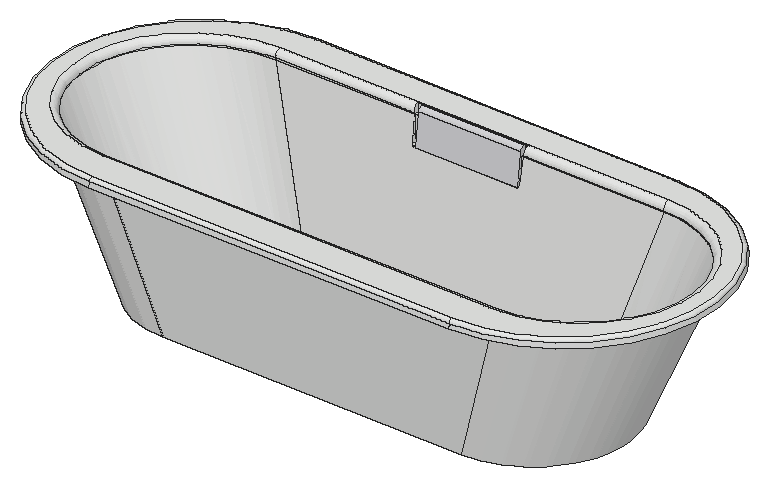
Revit family "Bath-Drop_In-KOHLER-VOLUTE-K-99309T_1", category Plumbing Fixtures, host Face, Revit 2017
Family settings
  Host = Face
  Round Connector Dimension = Use Diameter
  Part Type = Normal
  OmniClass Number = 23.31.15.00
  OmniClass Title = Bathtubs
  Cut with Voids When Loaded = No
  Shared = No
  Room Calculation Point = No
Parameters (values of type "0-White")
  Width = 70 221/256"  # constant formula
  WaterSense Certified = 1 = 0  # no
  Waste Water Outlet = "Waste Water Outlet"  # constant formula
  Waste Connection = 1 = 1  # yes
  Vent Connection = 1 = 0  # no
  URL = "http://www.kohler.com.cn/"
  Type = 1
  Product Page URL = "https://www.kohler.com.cn/product/K-99309T-0/K-99309T-0/"
  Product Name = "VOLUTE"  # constant formula
  Product Documentation Link = "https://files.kohler.com.cn/pdfs/1589433363090_99309.pdf"
  Model = "K-99309T-0"  # constant formula
  Material = " CAST IRON"  # constant formula
  Master Format 2014 Name = "Residential Bathtubs"  # constant formula
  Master Format 2014 = "22 41 19"  # constant formula
  Manufacturer Address = "Kohler Beijing Office (100016)36-2-03-B, No. 88, Liuxiang Road, Beijing"  # constant formula
  Manufacturer = "KOHLER Co."  # constant formula
  Length = 31 127/256"  # constant formula
  Hot Water Inlet = "Hot Water Inlet"  # constant formula
  Height = 16 119/128"  # constant formula
  HW Connection = 1 = 0  # no
  Finish = KOHLER-Cast_Iron-0-White
  Environmental Product Declaration = ""
  Drain Included = 1 = 1  # yes
  Description = "VOLUTE Built-in cast iron bathtub (round at both ends)"  # constant formula
  Default Elevation = 0"
  Declare Label = ""
  Date Modified = "05/07/2021"  # constant formula
  Date Created = "05/07/2021"  # constant formula
  Copyright = "Copyright KOHLER Co."  # constant formula
  Contact Us = "http://www.kohler.com.cn/contact/contact-us/"
  Cold Water Inlet = "Cold Water Inlet"  # constant formula
  CW Connection = 1 = 0  # no
  Assembly Code = "D2010500"
  ADA Compliant = 1 = 0  # no
Reference planes (in)
  plane 1 "Center (Front/Back)": y = 0
  plane 2: z = 0
  plane 3 "Center (Left/Right)": x = 0
  plane 4: y = 15.74803
  plane 5: y = -15.74806
  plane 6: x = -35.43168
  plane 7: x = 35.4316
  plane 8: x = -28.42617
  plane 9: x = 28.42617
  plane 10: y = 12.22923
  plane 11: y = -11.82898
  plane 12: z = -16.06299
  plane 13: z = 0.8667
Forms (in)
  Extrusion 1, void
    sketch origin (0, 0, 0) x (1, 0, 0) y (0, 1, 0)
      loop
        arc (21.56469, -12.82898) -> (34.5938, 0.20012) -> (21.56469, 13.22923) r 13.02911
        line (21.56469, 13.22923) -> (0.6703, 13.22923) -> (-21.45319, 13.22923)
        arc (-21.45319, 13.22923) -> (-34.4823, 0.20012) -> (-21.45319, -12.82898) r 13.02911
        line (-21.45319, -12.82898) -> (21.56469, -12.82898)
    from -17.75299 to 0
Dimensions and locks (in)
  plane 10 to plane 11 = 24.05821"
  plane 9 to plane 8 = 56.85233"
  "Width": plane 6 to plane 7
  "Length": plane 4 to plane 5
  "Height": plane 13 to plane 12
  aligned and locked: plane 2 to host face
  aligned and locked: level to host face
Automatic sketch dimensions
  host sketch curve to host sketch curve = 96"  (x2)
  Extrusion 1 sketch curve to plane 10 = 1"
  plane 11 to Extrusion 1 sketch curve = 1"
  Extrusion 1 sketch curve to plane 9 = 6.86147"
  plane 8 to Extrusion 1 sketch curve = 6.97297"
  plane 3 "Center (Left/Right)" to Extrusion 1 sketch curve = 0.6703"
Nested families (in)
  nested 1: "K-99309T" at (0, 0, 0), type "K-99309T"
Connectors (in)
  piping at (0, 0, -16.04801), diameter 1.32813, driven by "Waste Connection", driven by "Waste Water Outlet"
    settings: on nested 1, index 1, connector inside diameter 24", connector length 0", flow factor 0, pipe flow 0 GPM, pressure drop 0.00 psi, fitting loss kfactor 0, connector angle 0.00°, fixture units 0, engagement length 0", angle of deflection 0.00°, flow configuration 0, flow direction 2, fitting loss method 0, system type 16, joint type 0, gender type 0, connector reference index -1, connector utility 1, adjustable connector no, is connector primary yes, connector description "Waste Water Outlet"
Definition of nested family "K-99309T"
  Parameters (values of type "K-99309T")
    Material = none
  Reference planes (in)
    plane 1 "Center (Front/Back)": y = 0
    plane 2: z = 0
    plane 3 "Center (Left/Right)": x = 0
    plane 4: x = -35.43168
    plane 5: x = 35.43168
    plane 6: y = 15.74803
    plane 7: y = -15.74803
    plane 8: z = -16.06299
    plane 9: z = 0.86617
    plane 10: y = 12.2329
    plane 11: y = 11.19457
    plane 12: y = 11.22328
    plane 13: y = 11.61417
    plane 14: y = 12.14555
    plane 15: y = 9.37708
    plane 16: y = 8.97956
    plane 17: y = 1.42047
    plane 18: y = -1.41311
    plane 19: y = -8.97611
    plane 20: y = -9.36751
    plane 21: y = -11.22666
    plane 22: y = -11.82531
    plane 23: x = -33.48064
    plane 24: x = -1.41694
    plane 25: x = 1.41694
    plane 26: x = 33.59213
    plane 27: x = 35.43168
    plane 28: y = 12.40364
    plane 29: z = -2.91487
    plane 30: z = -2.63568
  Forms (in)
    Sweep 1, solid, material <- "Material", detail levels medium+fine
      path origin (0, 0, 0) x (1, 0, 0) y (0, 1, 0)
        loop
          arc (-19.68365, 15.74803) -> (-35.43168, 0) -> (-19.68365, -15.74803) r 15.74803
          line (-19.68365, -15.74803) -> (19.68166, -15.74803)
          arc (19.68166, -15.74803) -> (35.42969, 0) -> (19.68166, 15.74803) r 15.74803
          line (19.68166, 15.74803) -> (-19.68365, 15.74803)
      profile origin (-0.001, 15.74803, 0) x (0, 1, 0) y (0, 0, 1)
        loop
          line (0, 0) -> (-0.04453, 0.50898)
          arc (-0.04453, 0.50898) -> (-0.16997, 0.76335) -> (-0.43431, 0.86615) r 0.39127
          line (-0.43431, 0.86615) -> (-1.52822, 0.86615) -> (-1.52822, 0) -> (0, 0)
    Blend 2, solid, material <- "Material", detail levels medium+fine
      base sketch origin (0, 0, 0) x (1, 0, 0) y (0, 1, 0)
        loop
          line (-16.381, -9.84412) -> (16.37401, -9.84412)
          arc (16.37401, -9.84412) -> (26.21618, -0.00195) -> (16.37401, 9.84021) r 9.84217
          line (16.37401, 9.84021) -> (-16.381, 9.84021)
          arc (-16.381, 9.84021) -> (-26.22317, -0.00195) -> (-16.381, -9.84412) r 9.84217
      top sketch origin (0, 0, 0) x (1, 0, 0) y (0, 1, 0)
        loop
          arc (21.56469, -11.82898) -> (33.5938, 0.20012) -> (21.56469, 12.22923) r 12.02911
          line (21.56469, 12.22923) -> (-21.45319, 12.22923)
          arc (-21.45319, 12.22923) -> (-33.4823, 0.20012) -> (-21.45319, -11.82898) r 12.02911
          line (-21.45319, -11.82898) -> (21.56469, -11.82898)
      from -16.06299 to 0
    Blend 3, void
      base sketch origin (0, 0, 0) x (1, 0, 0) y (0, 1, 0)
        loop
          arc (16.37401, -9.34412) -> (25.71618, -0.00195) -> (16.37401, 9.34021) r 9.34217
          line (16.37401, 9.34021) -> (-16.381, 9.34021)
          arc (-16.381, 9.34021) -> (-25.72317, -0.00195) -> (-16.381, -9.34412) r 9.34217
          line (-16.381, -9.34412) -> (16.37401, -9.34412)
      top sketch origin (0, 0, 0) x (1, 0, 0) y (0, 1, 0)
        loop
          line (-21.45319, -11.32898) -> (21.56469, -11.32898)
          arc (21.56469, -11.32898) -> (33.0938, 0.20012) -> (21.56469, 11.72923) r 11.52911
          line (21.56469, 11.72923) -> (-21.45319, 11.72923)
          arc (-21.45319, 11.72923) -> (-32.9823, 0.20012) -> (-21.45319, -11.32898) r 11.52911
      from -15.78367 to 0.8285
    Sweep 4, solid, material <- "Material", detail levels medium+fine
      path origin (0, 0, 0) x (1, 0, 0) y (0, 1, 0)
        loop
          arc (21.30672, -11.23034) -> (32.72714, 0.19008) -> (21.30672, 11.6105) r 11.42042
          line (21.30672, 11.6105) -> (-21.20111, 11.6105)
          arc (-21.20111, 11.6105) -> (-32.62153, 0.19008) -> (-21.20111, -11.23034) r 11.42042
          line (-21.20111, -11.23034) -> (21.30672, -11.23034)
      profile origin (0.05281, 11.6105, 0) x (0, 1, 0) y (0, 0, 1)
        loop
          line (0, 0.16594) -> (0, -1) -> (0.32928, -1) -> (0.5056, 0) -> (1.5, 0) -> (1.5, 0.86615) -> (0.70021, 0.86615)
          arc (0.70021, 0.86615) -> (0.20509, 0.66106) -> (0, 0.16594) r 0.70021
    Extrusion 5, solid, material <- "Material", detail levels medium+fine
      sketch origin (0, 0, 0) x (1, 0, 0) y (0, 1, 0)
        loop
          arc (-21.20111, -12.73034) -> (-28.00655, -10.79278) -> (-32.77089, -5.56122) r 12.92042
          arc (-32.77089, -5.56122) -> (-27.52978, -11.85923) -> (-19.68365, -14.21981) r 14.21981
          line (-19.68365, -14.21981) -> (19.68166, -14.21981)
          arc (19.68166, -14.21981) -> (26.93088, -12.23322) -> (32.15459, -6.82854) r 14.21981
          arc (32.15459, -6.82854) -> (27.48142, -11.15938) -> (21.30672, -12.73034) r 12.92042
          line (21.30672, -12.73034) -> (-21.20111, -12.73034)
        loop
          line (19.68166, 14.21981) -> (-19.68365, 14.21981)
          arc (-19.68365, 14.21981) -> (-25.99496, 12.74246) -> (-30.99486, 8.6174) r 14.21981
          arc (-30.99486, 8.6174) -> (-26.58872, 11.93362) -> (-21.20111, 13.1105) r 12.92042
          line (-21.20111, 13.1105) -> (21.30672, 13.1105)
          arc (21.30672, 13.1105) -> (26.12109, 12.18004) -> (30.24204, 9.52267) r 12.92042
          arc (30.24204, 9.52267) -> (25.4606, 12.99257) -> (19.68166, 14.21981) r 14.21981
      from 0 to 0.86615
    Sweep 6, solid, material <- "Material", detail levels medium+fine
      path origin (-0.03125, 0, 0) x (1, 0, 0) y (0, 1, 0)
        loop
          line (16.41208, 9.84021) -> (-16.27726, 9.84021)
          arc (-16.27726, 9.84021) -> (-26.11943, -0.00195) -> (-16.27726, -9.84412) r 9.84217
          line (-16.27726, -9.84412) -> (16.41208, -9.84412)
          arc (16.41208, -9.84412) -> (26.25425, -0.00195) -> (16.41208, 9.84021) r 9.84217
      profile origin (0.03616, 9.84021, 0) x (0, 1, 0) y (0, 0, 1)
        loop
          line (-1.4996, -15.9905) -> (-0.20844, -15.9905) -> (-0.13814, -15.28052)
          arc (-0.13814, -15.28052) -> (-0.76682, -15.73532) -> (-1.4996, -15.9905) r 2.67432
    Extrusion 7, void
      sketch origin (0, 0, 0) x (1, 0, 0) y (0, 1, 0)
        loop
          line (-16.33573, -9.54724) -> (16.33076, -9.54724)
          arc (16.33076, -9.54724) -> (25.878, 0) -> (16.33076, 9.54724) r 9.54724
          line (16.33076, 9.54724) -> (-16.33573, 9.54724)
          arc (-16.33573, 9.54724) -> (-25.88298, 0) -> (-16.33573, -9.54724) r 9.54724
      from -17.05562 to -15.87086
    Revolve 8, solid, detail levels medium+fine
      sketch origin (0, 0, 0) x (1, 0, 0) y (0, 0, 1)
        loop
          line (-0.64961, -16.04801) -> (0, -16.04801) -> (0, -14.52701) -> (-0.40213, -14.55236) -> (-1.3907, -14.83072)
          arc (-1.3907, -14.83072) -> (-1.40964, -14.84363) -> (-1.41694, -14.86536) r 0.03599
          line (-1.41694, -14.86536) -> (-1.41694, -15.23567) -> (-0.64961, -15.23567) -> (-0.64961, -16.04801)
        axis (0, -14.52701) -> (0, -16.04801)
      angle from 0 to 360
    Extrusion 9, void
      sketch origin (0, 0, 0) x (1, 0, 0) y (0, 0, 1)
        loop
          line (-6.05758, 1.36044) -> (-5.88139, -2.63568)
          arc (-5.88139, -2.63568) -> (-5.79319, -2.83368) -> (-5.59222, -2.91487) r 0.28936
          line (-5.59222, -2.91487) -> (5.5938, -2.91487)
          arc (5.5938, -2.91487) -> (5.79364, -2.83414) -> (5.88134, -2.63727) r 0.28771
          line (5.88134, -2.63727) -> (6.02199, 1.36044) -> (0.86284, 1.36044) -> (-6.05758, 1.36044)
      from -12.14188 to -10.22602
    Extrusion 10, solid, material <- "Material", detail levels medium+fine
      sketch origin (0, 0, 0) x (1, 0, 0) y (0, 0, 1)
        loop
          line (-5.59222, -2.91487) -> (5.5938, -2.91487)
          arc (5.5938, -2.91487) -> (5.79364, -2.83414) -> (5.88134, -2.63727) r 0.28771
          line (5.88134, -2.63727) -> (5.97413, 0) -> (0.50798, 0) -> (-5.9976, 0) -> (-5.88139, -2.63568)
          arc (-5.88139, -2.63568) -> (-5.79319, -2.83368) -> (-5.59222, -2.91487) r 0.28936
      from -12.40364 to -11.6105
    Extrusion 11, solid, material <- "Material", detail levels medium+fine
      sketch origin (0, 0, 0) x (1, 0, 0) y (0, 1, 0)
        loop
          line (-18.95669, 6.29921) -> (-19.06661, 5.88901)
          arc (-19.06661, 5.88901) -> (-18.86644, 5.85314) -> (-18.77953, 5.66929) r 0.22192
          line (-18.77953, 5.66929) -> (-18.62205, 5.66929)
          arc (-18.62205, 5.66929) -> (-18.53306, 5.85043) -> (-18.33497, 5.88901) r 0.22689
          line (-18.33497, 5.88901) -> (-18.44488, 6.29921) -> (-18.95669, 6.29921)
        loop
          line (18.44488, 6.29921) -> (18.33497, 5.88901)
          arc (18.33497, 5.88901) -> (18.53513, 5.85314) -> (18.62205, 5.66929) r 0.22192
          line (18.62205, 5.66929) -> (18.77953, 5.66929)
          arc (18.77953, 5.66929) -> (18.86852, 5.85043) -> (19.06661, 5.88901) r 0.22689
          line (19.06661, 5.88901) -> (18.95669, 6.29921) -> (18.44488, 6.29921)
        loop
          line (-18.95669, -6.29921) -> (-18.44488, -6.29921) -> (-18.33497, -5.88901)
          arc (-18.33497, -5.88901) -> (-18.53306, -5.85043) -> (-18.62205, -5.66929) r 0.22689
          line (-18.62205, -5.66929) -> (-18.77953, -5.66929)
          arc (-18.77953, -5.66929) -> (-18.86644, -5.85314) -> (-19.06661, -5.88901) r 0.22192
          line (-19.06661, -5.88901) -> (-18.95669, -6.29921)
        loop
          line (18.44488, -6.29921) -> (18.95669, -6.29921) -> (19.06661, -5.88901)
          arc (19.06661, -5.88901) -> (18.86852, -5.85043) -> (18.77953, -5.66929) r 0.22689
          line (18.77953, -5.66929) -> (18.62205, -5.66929)
          arc (18.62205, -5.66929) -> (18.53513, -5.85314) -> (18.33497, -5.88901) r 0.22192
          line (18.33497, -5.88901) -> (18.44488, -6.29921)
      from -16.06299 to -15.78367
    Blend 12, solid, material <- "Material", detail levels coarse
      base sketch origin (0, 0, 0) x (1, 0, 0) y (0, 1, 0)
        loop
          line (-16.33573, -9.54724) -> (16.33076, -9.54724)
          arc (16.33076, -9.54724) -> (25.878, 0) -> (16.33076, 9.54724) r 9.54724
          line (16.33076, 9.54724) -> (-16.33573, 9.54724)
          arc (-16.33573, 9.54724) -> (-25.88298, 0) -> (-16.33573, -9.54724) r 9.54724
      top sketch origin (0, 0, 0) x (1, 0, 0) y (0, 1, 0)
        loop
          arc (21.56469, -11.82898) -> (33.5938, 0.20012) -> (21.56469, 12.22923) r 12.02911
          line (21.56469, 12.22923) -> (0.00246, 12.22923) -> (-21.45319, 12.22923)
          arc (-21.45319, 12.22923) -> (-33.4823, 0.20012) -> (-21.45319, -11.82898) r 12.02911
          line (-21.45319, -11.82898) -> (21.56469, -11.82898)
      from -16.06299 to 0
    Sweep 13, solid, material <- "Material", detail levels coarse
      path origin (0, 0, 0) x (1, 0, 0) y (0, 1, 0)
        loop
          arc (21.30672, -11.23034) -> (32.72714, 0.19008) -> (21.30672, 11.6105) r 11.42042
          line (21.30672, 11.6105) -> (-21.20111, 11.6105)
          arc (-21.20111, 11.6105) -> (-32.62153, 0.19008) -> (-21.20111, -11.23034) r 11.42042
          line (-21.20111, -11.23034) -> (21.30672, -11.23034)
      profile origin (0.05281, 11.6105, 0) x (0, 1, 0) y (0, 0, 1)
        loop
          line (0, 0.0029) -> (4.13386, 0.0029) -> (4.13386, 0.98715) -> (0, 0.98715) -> (0, 0.0029)
    Blend 14, void
      base sketch origin (0, 0, 0.7874) x (1, 0, 0) y (0, 1, 0)
        loop
          line (-16.33573, -9.54724) -> (16.33076, -9.54724)
          arc (16.33076, -9.54724) -> (25.878, 0) -> (16.33076, 9.54724) r 9.54724
          line (16.33076, 9.54724) -> (-16.33573, 9.54724)
          arc (-16.33573, 9.54724) -> (-25.88298, 0) -> (-16.33573, -9.54724) r 9.54724
      top sketch origin (0, 0, 0.7874) x (1, 0, 0) y (0, 1, 0)
        loop
          arc (21.56469, -11.82898) -> (33.5938, 0.20012) -> (21.56469, 12.22923) r 12.02911
          line (21.56469, 12.22923) -> (0.00246, 12.22923) -> (-21.45319, 12.22923)
          arc (-21.45319, 12.22923) -> (-33.4823, 0.20012) -> (-21.45319, -11.82898) r 12.02911
          line (-21.45319, -11.82898) -> (21.56469, -11.82898)
      from -16.06299 to 0
    Extrusion 15, solid, detail levels medium+fine
      sketch origin (0, 0, 0) x (0, 1, 0) y (0, 0, 1)
        loop
          line (11.1746, -2.91769) -> (11.82947, -2.91769) -> (12.14188, -0.85978) -> (12.14188, 0.84549)
          arc (12.14188, 0.84549) -> (11.8322, 0.67714) -> (11.64378, 0.37925) r 0.70021
          line (11.64378, 0.37925) -> (11.1746, -2.91769)
      from -5.53772 to 5.61607
  Cuts and joins
    Extrusion 9 cuts Sweep 1
    Blend 3, Extrusion 7, Extrusion 9 cuts Blend 2
    Extrusion 9 cuts Sweep 4
    Extrusion 9 cuts Extrusion 5
    Extrusion 7, Extrusion 9 cuts Sweep 6
    joined: Sweep 1, Blend 2, Sweep 4, Extrusion 5, Sweep 6, Extrusion 10, Extrusion 11
    Blend 14 cuts Blend 12
    joined: Blend 12, Sweep 13
  Lines and regions (in)
    Masking region 1
      outline origin (0, 0, 0) x (1, 0, 0) y (0, 1, 0)
        loop
          arc (-19.68365, 15.74803) -> (-35.43168, 0) -> (-19.68365, -15.74803) r 15.74803
          line (-19.68365, -15.74803) -> (19.68166, -15.74803)
          arc (19.68166, -15.74803) -> (35.42969, 0) -> (19.68166, 15.74803) r 15.74803
          line (19.68166, 15.74803) -> (-19.68365, 15.74803)
    Masking region 2
      outline origin (0, 0, 0) x (1, 0, 0) y (0, 0, 1)
        loop
          line (-26.22317, -16.06299) -> (26.32473, -16.06299) -> (33.46155, -0.27068)
          arc (33.46155, -0.27068) -> (33.63134, -0.07355) -> (33.88091, 0) r 0.4602
          line (33.88091, 0) -> (35.43278, 0) -> (35.38848, 0.50634)
          arc (35.38848, 0.50634) -> (35.26211, 0.7626) -> (34.9958, 0.86617) r 0.39419
          line (34.9958, 0.86617) -> (-34.9958, 0.86617)
          arc (-34.9958, 0.86617) -> (-35.26211, 0.7626) -> (-35.38848, 0.50634) r 0.39419
          line (-35.38848, 0.50634) -> (-35.43278, 0) -> (-33.75497, 0)
          arc (-33.75497, 0) -> (-33.52588, -0.06751) -> (-33.37002, -0.24847) r 0.42243
          line (-33.37002, -0.24847) -> (-26.22317, -16.06299)
    Masking region 3
      outline origin (0, 0, 0) x (0, 1, 0) y (0, 0, 1)
        loop
          line (-9.84412, -16.06299) -> (9.84021, -16.06299) -> (11.79571, -2.91487) -> (12.40364, -2.91487) -> (12.40364, -1)
          arc (12.40364, -1) -> (12.69653, -0.29289) -> (13.40364, 0) r 1
          line (13.40364, 0) -> (15.74803, 0) -> (15.70358, 0.50804)
          arc (15.70358, 0.50804) -> (15.57781, 0.76308) -> (15.31278, 0.86615) r 0.3923
          line (15.31278, 0.86615) -> (-15.31405, 0.86615)
          arc (-15.31405, 0.86615) -> (-15.57814, 0.76345) -> (-15.70347, 0.5093) r 0.39091
          line (-15.70347, 0.5093) -> (-15.74803, 0) -> (-12.71302, 0)
          arc (-12.71302, 0) -> (-12.05069, -0.25079) -> (-11.72057, -0.87737) r 1
          line (-11.72057, -0.87737) -> (-9.84412, -16.06299)
    symbolic lines, detail levels medium+fine
      curve 1: arc (-21.20111, -11.23034, 0) -> (-32.62153, 0.19008, 0) -> (-21.20111, 11.6105, 0) r 11.42042
      curve 2: line (-21.20111, 11.6105, 0) -> (-5.99773, 11.6105, 0)
      curve 3: arc (21.30672, 11.6105, 0) -> (32.72714, 0.19008, 0) -> (21.30672, -11.23034, 0) r 11.42042
      curve 4: line (21.30672, -11.23034, 0) -> (-21.20111, -11.23034, 0)
      curve 5: line (-5.88139, 11.23104, 0) -> (-5.99773, 11.6105, 0)
      curve 6: spline (-5.59972, 11.19089, 0) -> (-5.63612, 11.19138, 0) -> (-5.67181, 11.19252, 0) -> (-5.70621, 11.19428, 0) -> (-5.73878, 11.19664, 0) -> (-5.76901, 11.19957, 0) -> (-5.79642, 11.20302, 0) -> (-5.82057, 11.20693, 0) -> (-5.84109, 11.21123, 0) -> (-5.85764, 11.21588, 0) -> (-5.86997, 11.22078, 0) -> (-5.87789, 11.22586, 0) -> (-5.88126, 11.23104, 0)
      curve 7: line (5.60127, 11.19089, 0) -> (-5.59972, 11.19089, 0)
      curve 8: line (-5.7654, 11.6105, 0) -> (-5.65876, 11.26268, 0)
      curve 9: spline (-5.65861, 11.26268, 0) -> (-5.65466, 11.2571, 0) -> (-5.64584, 11.25164, 0) -> (-5.6323, 11.24638, 0) -> (-5.61426, 11.2414, 0) -> (-5.59198, 11.23678, 0) -> (-5.56584, 11.23259, 0) -> (-5.53622, 11.2289, 0) -> (-5.5036, 11.22576, 0) -> (-5.46848, 11.22323, 0) -> (-5.43142, 11.22134, 0) -> (-5.39299, 11.22012, 0) -> (-5.35379, 11.2196, 0)
      curve 10: line (-5.35379, 11.2196, 0) -> (5.35743, 11.2196, 0)
      curve 11: spline (5.8812, 11.23081, 0) -> (5.87785, 11.22566, 0) -> (5.86998, 11.22061, 0) -> (5.85772, 11.21573, 0) -> (5.84126, 11.21112, 0) -> (5.82086, 11.20684, 0) -> (5.79685, 11.20295, 0) -> (5.76959, 11.19952, 0) -> (5.73954, 11.19661, 0) -> (5.70715, 11.19426, 0) -> (5.67294, 11.19251, 0) -> (5.63746, 11.19138, 0) -> (5.60127, 11.19089, 0)
      curve 12: spline (5.35743, 11.2196, 0) -> (5.39613, 11.22012, 0) -> (5.43408, 11.22132, 0) -> (5.47069, 11.22318, 0) -> (5.50537, 11.22568, 0) -> (5.53758, 11.22878, 0) -> (5.56683, 11.23243, 0) -> (5.59265, 11.23656, 0) -> (5.61465, 11.24113, 0) -> (5.63247, 11.24604, 0) -> (5.64583, 11.25124, 0) -> (5.65454, 11.25663, 0) -> (5.65845, 11.26214, 0)
      curve 13: line (5.6586, 11.26214, 0) -> (5.7654, 11.6105, 0)
      curve 14: line (5.97423, 11.6105, 0) -> (5.88134, 11.23081, 0)
      curve 15: spline (-6.00492, 11.61052, 0) -> (-6.00865, 11.61562, 0) -> (-6.01232, 11.63093, 0) -> (-6.01589, 11.6562, 0) -> (-6.0193, 11.69108, 0) -> (-6.02249, 11.73505, 0) -> (-6.02543, 11.78747, 0) -> (-6.02807, 11.84757, 0) -> (-6.03037, 11.91447, 0) -> (-6.0323, 11.98718, 0) -> (-6.03382, 12.06464, 0) -> (-6.03492, 12.14572, 0) -> (-6.03558, 12.22923, 0)
      curve 16: spline (-5.80255, 12.14187, 0) -> (-5.80154, 12.06787, 0) -> (-5.80018, 11.99684, 0) -> (-5.79849, 11.92964, 0) -> (-5.79647, 11.86711, 0) -> (-5.79417, 11.81001, 0) -> (-5.7916, 11.75903, 0) -> (-5.7888, 11.7148, 0) -> (-5.7858, 11.67785, 0) -> (-5.78264, 11.64864, 0) -> (-5.77936, 11.62753, 0) -> (-5.77599, 11.61477, 0) -> (-5.77259, 11.61052, 0)
      curve 17: spline (5.7726, 11.6105, 0) -> (5.776, 11.61478, 0) -> (5.77937, 11.62756, 0) -> (5.78265, 11.64869, 0) -> (5.78581, 11.67791, 0) -> (5.7888, 11.71486, 0) -> (5.7916, 11.7591, 0) -> (5.79417, 11.81008, 0) -> (5.79647, 11.86717, 0) -> (5.79849, 11.92969, 0) -> (5.80018, 11.99687, 0) -> (5.80154, 12.06789, 0) -> (5.80255, 12.14187, 0)
      curve 18: spline (6.00443, 12.22923, 0) -> (6.00391, 12.14575, 0) -> (6.00303, 12.06469, 0) -> (6.00181, 11.98724, 0) -> (6.00028, 11.91454, 0) -> (5.99844, 11.84765, 0) -> (5.99634, 11.78756, 0) -> (5.99399, 11.73513, 0) -> (5.99144, 11.69115, 0) -> (5.98873, 11.65626, 0) -> (5.98588, 11.63096, 0) -> (5.98295, 11.61563, 0) -> (5.97997, 11.6105, 0)
      curve 19: line (0.89149, 12.22923, 0) -> (-21.45319, 12.22923, 0)
      curve 20: arc (-21.45319, 12.22923, 0) -> (-33.4823, 0.20012, 0) -> (-21.45319, -11.82898, 0) r 12.02911
      curve 21: line (21.56469, 12.22923, 0) -> (0.89149, 12.22923, 0)
      curve 22: arc (21.56469, -11.82898, 0) -> (33.5938, 0.20012, 0) -> (21.56469, 12.22923, 0) r 12.02911
      curve 23: line (-21.45319, -11.82898, 0) -> (21.56469, -11.82898, 0)
      curve 24: line (6.00387, 12.14187, 0) -> (-6.03488, 12.14187, 0)
      curve 27: arc (-16.30851, 8.97588, 0) -> (-25.28635, -0.00195, 0) -> (-16.30851, -8.97979, 0) r 8.97784
      curve 28: line (16.38083, 8.97588, 0) -> (-16.30851, 8.97588, 0)
      curve 30: arc (16.38083, -8.97979, 0) -> (25.35867, -0.00195, 0) -> (16.38083, 8.97588, 0) r 8.97784
      curve 31: line (-16.30851, -8.97979, 0) -> (16.38083, -8.97979, 0)
      curve 35: arc (-0.40213, 0, 0) -> (0, -0.40213, 0) -> (0.40213, 0, 0) r 0.40213
      curve 36: arc (0.40213, 0, 0) -> (0, 0.40213, 0) -> (-0.40213, 0, 0) r 0.40213
      curve 37: circle (0, 0, 0) r 1 normal (0, 0, 1)
      curve 38: line (-33.75497, 0, 0) -> (33.88091, 0, 0)
      curve 39: line (0, 13.40364, 0) -> (0, -12.71302, 0)
      curve 40: line (0, 11.79571, -2.91487) -> (0, 12.22923, 0)
      curve 41: line (0, 11.83723, -2.63568) -> (0, 12.40364, -2.63568)
      curve 42: line (5.97423, 11.6105, 0) -> (21.30672, 11.6105, 0)
    symbolic lines
      curve 25: line (-16.30851, 9.3734, 0) -> (16.38083, 9.3734, 0)
      curve 26: line (-16.45041, -9.37128, 0) -> (-16.45173, 9.37353, 0)
      curve 29: line (16.44618, 9.37343, 0) -> (16.44484, -9.3712, 0)
      curve 32: line (16.38083, -9.37118, 0) -> (-16.30851, -9.37118, 0)
      curve 33: arc (1.41694, 0, 0) -> (0, -1.41694, 0) -> (-1.41694, 0, 0) r 1.41694
      curve 34: arc (-1.41694, 0, 0) -> (0, 1.41694, 0) -> (1.41694, 0, 0) r 1.41694
  Dimensions and locks (in)
    plane 7 to plane 6 = 31.49606"
    plane 4 to plane 5 = 70.86336"
    plane 9 to plane 8 = 16.92916"
    equal spacing: plane 7, plane 1 "Center (Front/Back)", plane 6
    equal spacing: plane 4, plane 3 "Center (Left/Right)", plane 5
    aligned and locked: plane 2 to level
  Automatic sketch dimensions
    curve 33 to curve 36 = 0"
    curve 33 to curve 37 = 0"
    curve 34 to curve 35 = 0"
    curve 35 to curve 37 = 0"
    plane 1 "Center (Front/Back)" to curve 34 = 0"
    curve 36 to plane 3 "Center (Left/Right)" = 0"
    curve 10 to plane 3 "Center (Left/Right)" = 5.35379"
    curve 7 to curve 9 = 0.24593"
    curve 31 to plane 7 = 6.76824"
    curve 31 to plane 3 "Center (Left/Right)" = 16.30851"
    curve 4 to curve 27 = 4.8926"
    curve 19 to curve 2 = 0.25208"
    plane 3 "Center (Left/Right)" to curve 19 = 0.89149"
    curve 21 to curve 10 = 4.46593"
    curve 12 to curve 7 = 0.24384"
    plane 1 "Center (Front/Back)" to curve 30 = 0.00195"
    curve 11 to curve 30 = 10.77956"
    curve 30 to curve 4 = 4.92589"
    curve 3 to curve 22 = 0.25797"
    curve 4 to plane 7 = 4.51769"
    curve 3 to plane 1 "Center (Front/Back)" = 0.19008"
    curve 22 to plane 1 "Center (Front/Back)" = 0.20012"
    curve 7 to curve 8 = 0.41961"
    curve 6 to curve 10 = 0.02871"
    curve 36 to curve 33 = 0.40213"
    curve 33 to curve 35 = 1.01481"
    curve 9 to curve 9 = 0.00974"
    curve 6 to curve 6 = 0.00907"
    curve 9 to curve 6 = 0.06797"
    curve 8 to curve 9 = 0.00015"
    curve 9 to curve 8 = 0.00008"
    curve 8 to curve 9 = 0.10655"
    curve 16 to curve 8 = 0.00719"
    curve 16 to curve 16 = 0"
    curve 16 to curve 16 = 0.02995"
    curve 6 to curve 8 = 0.22249"
    curve 6 to curve 6 = 0.00013"
    curve 5 to curve 6 = 0.00014"
    curve 5 to curve 16 = 0.22513"
    curve 15 to curve 5 = 0.00719"
    curve 15 to curve 16 = 0.23233"
    curve 24 to curve 15 = 0.02995"
    curve 15 to curve 24 = 0.0007"
    curve 32 to curve 31 = 0"  (x2)
    curve 25 to curve 28 = 0"  (x2)
    curve 26 to plane 7 = 6.37675"
    curve 26 to curve 32 = 0.1419"
    curve 26 to plane 6 = 6.3745"
    curve 26 to curve 25 = 0.14322"
    curve 12 to curve 10 = 0.00962"
    curve 11 to curve 7 = 0.00902"
    curve 11 to curve 12 = 0.06621"
    curve 12 to curve 13 = 0.00015"
    curve 13 to curve 12 = 0.00008"
    curve 12 to curve 13 = 0.10672"
    curve 13 to curve 17 = 0.0072"
    curve 17 to curve 17 = 0.02995"
    curve 13 to curve 11 = 0.2226"
    curve 11 to curve 11 = 0.00012"
    curve 11 to curve 14 = 0.00014"
    curve 17 to curve 14 = 0.20163"
    curve 14 to curve 18 = 0.00574"
    curve 18 to curve 24 = 0.0239"
    curve 18 to curve 18 = 0.02446"
    curve 29 to plane 7 = 6.37683"
    curve 32 to curve 29 = 0.06401"
    curve 29 to plane 6 = 6.3746"
    curve 25 to curve 29 = 0.06535"
    curve 26 to curve 32 = 0.0001"
    curve 25 to curve 26 = 0.00012"
    curve 11 to curve 14 = 0.03992"
    curve 14 to curve 11 = 0"
    curve 6 to curve 5 = 0.04015"
    curve 5 to curve 6 = 0"
    curve 11 to curve 13 = 0.03012"
    curve 13 to curve 12 = 0"
    curve 6 to curve 8 = 0.03042"
    curve 8 to curve 9 = 0"
    curve 5 to curve 15 = 0"
    curve 8 to curve 16 = 0"
    curve 24 to curve 15 = 0.08735"
    curve 16 to curve 16 = 0.1694"
    curve 39 to level = 0"
    curve 39 to plane 7 = 3.03501"
    curve 40 to plane 6 = 3.95233"
    curve 40 to curve 41 = 0.04152"
    curve 41 to curve 40 = 0.392"
    curve 41 to curve 41 = 145/256"
    curve 40 to curve 39 = 1.17441"
    curve 41 to level = 2.63568"
    curve 38 to level = 0"
    plane 4 to curve 38 = 1.67671"
    plane 5 to curve 38 = 1 141/256"
    Sweep 1 sketch curve to plane 6 = 0"
    plane 7 to Sweep 1 sketch curve = 0"
    plane 4 to Sweep 1 sketch curve = 15.74803"
    plane 5 to Sweep 1 sketch curve = 15.75003"
    Sweep 1 sketch curve to level = 0"
    Sweep 1 sketch curve to profile plane = 0"
    profile plane to Sweep 1 sketch curve = 0.04453"
    profile plane to Sweep 1 sketch curve = 0.43431"
    Sweep 1 sketch curve to Sweep 1 sketch curve = 1.09391"
    level to Sweep 1 sketch curve = 0.47488"
    Sweep 1 sketch curve to Sweep 1 sketch curve = 0.0341"
    Blend 2 sketch curve to plane 7 = 5.90391"
    Blend 2 sketch curve to plane 3 "Center (Left/Right)" = 16.381"
    Blend 2 sketch curve to plane 6 = 5.90782"
    plane 3 "Center (Left/Right)" to Blend 2 sketch curve = 16.37401"
    Blend 2 sketch curve to plane 7 = 3.91905"
    plane 4 to Blend 2 sketch curve = 13.97849"
    plane 5 to Blend 2 sketch curve = 13.86699"
    Blend 2 sketch curve to plane 1 "Center (Front/Back)" = 0.20012"
    Blend 3 sketch curve to plane 7 = 6.40391"
    Blend 3 sketch curve to plane 3 "Center (Left/Right)" = 16.381"
    plane 3 "Center (Left/Right)" to Blend 3 sketch curve = 16.37401"
    plane 1 "Center (Front/Back)" to Blend 3 sketch curve = 0.00195"
    Blend 3 sketch curve to plane 7 = 4.41905"
    plane 4 to Blend 3 sketch curve = 13.97849"
    Blend 3 sketch curve to plane 1 "Center (Front/Back)" = 0.20012"
    plane 5 to Blend 3 sketch curve = 13.86699"
    Sweep 4 sketch curve to plane 7 = 4.51769"
    plane 4 to Sweep 4 sketch curve = 14.23057"
    plane 5 to Sweep 4 sketch curve = 14.12496"
    Sweep 4 sketch curve to plane 1 "Center (Front/Back)" = 0.19008"
    Sweep 4 sketch curve to profile plane = 0"
    Sweep 4 sketch curve to level = 0"
    Sweep 4 sketch curve to profile plane = 0.32928"
    Sweep 4 sketch curve to profile plane = 0.5056"
    Sweep 4 sketch curve to profile plane = 0.70021"
    Sweep 4 sketch curve to Sweep 4 sketch curve = 0.79979"
    Sweep 4 sketch curve to level = 1"
    level to Sweep 4 sketch curve = 0.16594"
    Extrusion 5 sketch curve to Extrusion 5 sketch curve = 0"  (x8)
    plane 1 "Center (Front/Back)" to Extrusion 5 sketch curve = 0"  (x2)
    Extrusion 5 sketch curve to plane 6 = 2.63753"
    plane 4 to Extrusion 5 sketch curve = 14.23057"
    Extrusion 5 sketch curve to Extrusion 5 sketch curve = 1.51746"
    plane 5 to Extrusion 5 sketch curve = 15.75003"
    Extrusion 5 sketch curve to plane 1 "Center (Front/Back)" = 0.19008"  (x2)
    Extrusion 5 sketch curve to Extrusion 5 sketch curve = 1.62507"
    Extrusion 5 sketch curve to plane 7 = 3.01769"
    Extrusion 5 sketch curve to Extrusion 5 sketch curve = 1.48947"
    Extrusion 5 sketch curve to Extrusion 5 sketch curve = 1.10931"
    plane 1 "Center (Front/Back)" to Sweep 6 sketch curve = 0.00195"
    Sweep 6 sketch curve to plane 3 "Center (Left/Right)" = 16.30851"
    Sweep 6 sketch curve to plane 7 = 5.90391"
    plane 3 "Center (Left/Right)" to Sweep 6 sketch curve = 16.38083"
    profile plane to Sweep 6 sketch curve = 2.00338"
    profile plane to Sweep 6 sketch curve = 1.4996"
    profile plane to Sweep 6 sketch curve = 0.20844"
    profile plane to Sweep 6 sketch curve = 0.13814"
    Sweep 6 sketch curve to level = 15.9905"
    Sweep 6 sketch curve to Sweep 6 sketch curve = 0.70997"
    plane 1 "Center (Front/Back)" to Extrusion 7 sketch curve = 0"
    Extrusion 7 sketch curve to plane 7 = 6.20079"
    Extrusion 7 sketch curve to plane 3 "Center (Left/Right)" = 16.33573"
    plane 3 "Center (Left/Right)" to Extrusion 7 sketch curve = 16.33076"
    Revolve 8 sketch curve to plane 3 "Center (Left/Right)" = 0"  (x2)
    Revolve 8 sketch curve to plane 3 "Center (Left/Right)" = 0.40213"
    Revolve 8 sketch curve to plane 3 "Center (Left/Right)" = 0.64961"
    Revolve 8 sketch curve to Revolve 8 sketch curve = 0.73134"
    Revolve 8 sketch curve to Revolve 8 sketch curve = 0.00975"
    Revolve 8 sketch curve to Revolve 8 sketch curve = 0.03599"
    Revolve 8 sketch curve to plane 8 = 0.01499"
    Revolve 8 sketch curve to plane 8 = 0.82732"
    Revolve 8 sketch curve to Revolve 8 sketch curve = 0.37031"
    Revolve 8 sketch curve to Revolve 8 sketch curve = 0.68331"
    Revolve 8 sketch curve to Revolve 8 sketch curve = 0.02535"
    Revolve 8 sketch curve to Revolve 8 sketch curve = 0.37275"
    Revolve 8 sketch curve to Revolve 8 sketch curve = 0.39474"
    Extrusion 9 sketch curve to plane 9 = 0.49427"
    Extrusion 9 sketch curve to plane 3 "Center (Left/Right)" = 6.05758"
    Extrusion 9 sketch curve to level = 2.63568"
    Extrusion 9 sketch curve to Extrusion 9 sketch curve = 0.17619"
    Extrusion 9 sketch curve to Extrusion 9 sketch curve = 0.28918"
    Extrusion 9 sketch curve to level = 2.63727"
    Extrusion 9 sketch curve to Extrusion 9 sketch curve = 0.28753"
    Extrusion 10 sketch curve to level = 0"
    Extrusion 10 sketch curve to plane 3 "Center (Left/Right)" = 5.9976"
    Extrusion 10 sketch curve to level = 2.63568"
    Extrusion 10 sketch curve to Extrusion 10 sketch curve = 0.11621"
    Extrusion 10 sketch curve to Extrusion 10 sketch curve = 0.28918"
    plane 3 "Center (Left/Right)" to Extrusion 10 sketch curve = 0.50798"
    plane 3 "Center (Left/Right)" to Extrusion 10 sketch curve = 5.5938"
    Extrusion 10 sketch curve to level = 2.63727"
    Extrusion 10 sketch curve to Extrusion 10 sketch curve = 0.28753"
    Extrusion 10 sketch curve to Extrusion 10 sketch curve = 0.09279"
    Extrusion 10 sketch curve to Extrusion 10 sketch curve = 0.27918"
    Extrusion 11 sketch curve to plane 1 "Center (Front/Back)" = 5.88901"  (x4)
    plane 4 to Extrusion 11 sketch curve = 16.36508"
    plane 1 "Center (Front/Back)" to Extrusion 11 sketch curve = 5.88901"  (x4)
    Extrusion 11 sketch curve to Extrusion 11 sketch curve = 0"  (x2)
    Extrusion 11 sketch curve to Extrusion 11 sketch curve = 0.06529"  (x4)
    plane 1 "Center (Front/Back)" to Extrusion 11 sketch curve = 6.29921"  (x2)
    Extrusion 11 sketch curve to Extrusion 11 sketch curve = 0.10991"  (x4)
    Extrusion 11 sketch curve to Extrusion 11 sketch curve = 0.22179"  (x4)
    Extrusion 11 sketch curve to Extrusion 11 sketch curve = 0.15748"  (x4)
    Extrusion 11 sketch curve to Extrusion 11 sketch curve = 0.51181"  (x4)
    Extrusion 11 sketch curve to plane 1 "Center (Front/Back)" = 6.29921"  (x2)
    Extrusion 11 sketch curve to Extrusion 11 sketch curve = 0.22688"  (x4)
    Extrusion 11 sketch curve to Extrusion 11 sketch curve = 0.0602"  (x4)
    plane 5 to Extrusion 11 sketch curve = 17.09671"
    Extrusion 11 sketch curve to Extrusion 11 sketch curve = 0.2121"  (x2)
    Extrusion 11 sketch curve to Extrusion 11 sketch curve = 0.21972"  (x2)
    Masking region 1 sketch curve to plane 6 = 0"
    plane 7 to Masking region 1 sketch curve = 0"
    plane 4 to Masking region 1 sketch curve = 15.74803"
    plane 5 to Masking region 1 sketch curve = 15.75003"
    Masking region 2 sketch curve to level = 0"  (x2)
    Masking region 2 sketch curve to plane 9 = 0"
    Masking region 2 sketch curve to plane 8 = 0"
    Masking region 2 sketch curve to plane 4 = 0.0011"
    plane 4 to Masking region 2 sketch curve = 0.0432"
    Masking region 2 sketch curve to Masking region 2 sketch curve = 0.39269"
    Masking region 2 sketch curve to Masking region 2 sketch curve = 1.24083"
    Masking region 2 sketch curve to level = 0.24847"
    Masking region 2 sketch curve to Masking region 2 sketch curve = 0.38495"
    plane 4 to Masking region 2 sketch curve = 9.20851"
    plane 5 to Masking region 2 sketch curve = 9.10695"
    Masking region 2 sketch curve to level = 0.27068"
    plane 5 to Masking region 2 sketch curve = 1.97014"
    Masking region 2 sketch curve to level = 0.4602"
    plane 5 to Masking region 2 sketch curve = 0.43589"
    plane 5 to Masking region 2 sketch curve = 0.0432"
    Masking region 2 sketch curve to plane 5 = 0.0011"
    Masking region 2 sketch curve to Masking region 2 sketch curve = 0.39419"  (x2)
    Masking region 3 sketch curve to level = 0"  (x2)
    Masking region 3 sketch curve to plane 7 = 0"
    plane 8 to Masking region 3 sketch curve = 0"
    Masking region 3 sketch curve to plane 6 = 0"
    Masking region 3 sketch curve to plane 7 = 0.04456"
    plane 9 to Masking region 3 sketch curve = 0"
    Masking region 3 sketch curve to plane 7 = 0.43398"
    Masking region 3 sketch curve to level = 1"  (x2)
    Masking region 3 sketch curve to Masking region 3 sketch curve = 2.60103"
    Masking region 3 sketch curve to level = 0.87737"
    Masking region 3 sketch curve to plane 7 = 5.90391"
    Masking region 3 sketch curve to plane 6 = 5.90782"
    Masking region 3 sketch curve to plane 6 = 3.95233"
    Masking region 3 sketch curve to Masking region 3 sketch curve = 0.60793"
    Masking region 3 sketch curve to plane 6 = 0.43525"
    Masking region 3 sketch curve to plane 6 = 0.04445"
    Masking region 3 sketch curve to Masking region 3 sketch curve = 1.91487"
    Masking region 3 sketch curve to Masking region 3 sketch curve = 0.3923"
    Masking region 3 sketch curve to Masking region 3 sketch curve = 0.39091"
    plane 1 "Center (Front/Back)" to Blend 12 sketch curve = 0"
    plane 3 "Center (Left/Right)" to Blend 12 sketch curve = 16.33076"
    Blend 12 sketch curve to plane 7 = 6.20079"
    Blend 12 sketch curve to plane 3 "Center (Left/Right)" = 16.33573"
    Blend 12 sketch curve to plane 1 "Center (Front/Back)" = 0.20012"
    plane 4 to Blend 12 sketch curve = 13.97849"
    plane 3 "Center (Left/Right)" to Blend 12 sketch curve = 0.00246"
    plane 5 to Blend 12 sketch curve = 13.86699"
    Blend 12 sketch curve to plane 7 = 3.91905"
    Sweep 13 sketch curve to plane 6 = 4.13753"
    plane 5 to Sweep 13 sketch curve = 14.12496"
    Sweep 13 sketch curve to plane 1 "Center (Front/Back)" = 0.19008"
    plane 4 to Sweep 13 sketch curve = 14.23057"
    Sweep 13 sketch curve to profile plane = 0"
    level to Sweep 13 sketch curve = 0.98715"
    Sweep 13 sketch curve to profile plane = 4.13386"
    level to Sweep 13 sketch curve = 0.0029"
    plane 1 "Center (Front/Back)" to Blend 14 sketch curve = 0"
    Blend 14 sketch curve to plane 7 = 6.20079"
    Blend 14 sketch curve to plane 3 "Center (Left/Right)" = 16.33573"
    plane 3 "Center (Left/Right)" to Blend 14 sketch curve = 16.33076"
    Blend 14 sketch curve to plane 6 = 3.5188"
    plane 4 to Blend 14 sketch curve = 13.97849"
    plane 3 "Center (Left/Right)" to Blend 14 sketch curve = 0.00246"
    plane 5 to Blend 14 sketch curve = 13.86699"
    Blend 14 sketch curve to plane 1 "Center (Front/Back)" = 0.20012"
    plane 3 "Center (Left/Right)" to Extrusion 9 sketch curve = 5.5938"
    Extrusion 9 sketch curve to Extrusion 9 sketch curve = 0.27918"
    Extrusion 9 sketch curve to Extrusion 9 sketch curve = 4.73097"
    Extrusion 9 sketch curve to Extrusion 9 sketch curve = 5.15915"
    Extrusion 15 sketch curve to plane 8 = 13.14531"
    Extrusion 15 sketch curve to Extrusion 15 sketch curve = 0.46918"
    Extrusion 15 sketch curve to Extrusion 15 sketch curve = 0.65487"
    Extrusion 15 sketch curve to plane 6 = 4.57343"
    level to Extrusion 15 sketch curve = 0.37925"
    level to Extrusion 15 sketch curve = 0.16594"
    Extrusion 15 sketch curve to Extrusion 15 sketch curve = 0.16883"
    Extrusion 15 sketch curve to level = 0.85978"
    plane 9 to Extrusion 15 sketch curve = 0.02068"
    curve 1 to plane 1 "Center (Front/Back)" = 0.19008"
    curve 23 to plane 22 = 0.00368"
    plane 10 to curve 17 = 0.07836"
    curve 7 to plane 11 = 0.00368"
    curve 17 to plane 13 = 0.00367"
    curve 13 to plane 13 = 0.00367"
    radius of curve 37 = 1"
